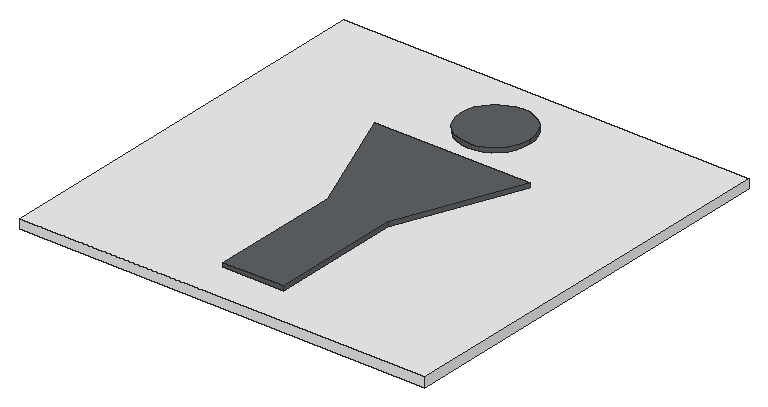
Revit family "KEUCO_14967010000", category Allgemeines Modell, Revit 2016
Family settings
  Teiletyp = Normal
  Kann Basisbauteil für Bewehrung sein = Nein
  Bemaßung runder Anschluss = Durchmesser verwenden
  Arbeitsebenenbasiert = Ja
  Immer vertikal = Nein
  Beim Laden mit Abzugskörper schneiden = Nein
  Gemeinsam genutzt = Nein
  Raumberechnungspunkt = Nein
Parameters (values of type "14967170000")
  Default Elevation = 1219.2 mm
  Verwendung = "ZU"  # constant formula
  URL = "https://www.keuco.com/de/produkte/sortiment/artikel/?pid=14967&oid=2&pgo=20&country=de&lang=de&vid=14967170000"
  Serie = "Plan"  # constant formula
  Preisgruppe = ""
  Materialien bei Hersteller anfragen = "Anfrage zu:  objektmanagement@keuco.de"
  Material = Verchromt
  Rail Length = 851 mm
  Kategorie = "ACC"  # constant formula
  Hersteller = "KEUCO"  # constant formula
  Gewicht = 2.718
  Beschreibung = "Symbol Herren"
  Assembly Code = ""
  Ausschreibungstext = "KEUCO PLAN Türschild 14967170000 Herren\r\nTürschild aus silber-eloxiertem Aluminium (E6 EV1) \r\nmit dem Symbol HERREN in quadratischer Form, \r\nmit abgerundeten Ecken, \r\nMaße 100 x 100 mm"
  Artikelnummer = "14967170000"
Types (4, lengths in mm): name | URL | Materialien bei Hersteller anfragen | Material | Beschreibung | Ausschreibungstext | Artikelnummer
  (no name) | "https://www.keuco.com" | "Request to:  objektmanagement@keuco.de" | Verchromt | "--" | "" | "14967010000"
  14967010000 | "https://www.keuco.com/de/produkte/sortiment/artikel/?pid=14967&oid=2&pgo=20&country=de&lang=de&vid=14967010000" | "Request to:  objektmanagement@keuco.de" | Verchromt | "Symbol Herren" | "KEUCO PLAN Türschild 14967010000 Herren\r\nHochglanzverchromtes Türschild \r\nmit dem Symbol HERREN in quadratischer Form, \r\nmit abgerundeten Ecken\r\nMaße 100 x 100 mm" | "14967010000"
  14967070000 | "https://www.keuco.com/de/produkte/sortiment/artikel/?pid=14967&oid=2&pgo=20&country=de&lang=de&vid=14967070000" | "Request to:  objektmanagement@keuco.de" | Edelstahl | "Symbol Herren" | "KEUCO PLAN Türschild 14967070000 Herren\r\nTürschild aus hochwertigem Edelsathl \r\nmit dem Symbol HERREN in quadratischer Form, \r\nmit abgerundeten Ecken\r\nMaße 100 x 100 mm" | "14967070000"
  14967170000 | "https://www.keuco.com/de/produkte/sortiment/artikel/?pid=14967&oid=2&pgo=20&country=de&lang=de&vid=14967170000" | "Anfrage zu:  objektmanagement@keuco.de" | Verchromt | "Symbol Herren" | "KEUCO PLAN Türschild 14967170000 Herren\r\nTürschild aus silber-eloxiertem Aluminium (E6 EV1) \r\nmit dem Symbol HERREN in quadratischer Form, \r\nmit abgerundeten Ecken, \r\nMaße 100 x 100 mm" | "14967170000"
Reference planes
  plane 1 "Center (Front/Back)": y = 0
  plane 2: z = 0
  plane 3 "Center (Left/Right)": x = 0
Forms (mm)
  Extrusion 1, solid, material "Verchromt" <- "Material"
    sketch origin (0, 0, 61.249) x (0, 1, 0) y (-1, 0, 0)
      loop
        line (0, 50) -> (0, -50) -> (100, -50) -> (100, 50) -> (0, 50)
    from -61.529 to -59.249
  Extrusion 2, solid, material "Schwarzgrau"
    sketch origin (0, 0, 58.651) x (0, 1, 0) y (-1, 0, 0)
      loop
        circle (84.31, -0.033) r 8.547
      loop
        line (70.967, 19.047) -> (41.891, 7.479) -> (9.535, 7.479) -> (9.535, -7.479) -> (41.787, -7.479) -> (70.967, -19.268) -> (70.967, 19.047)
    from -56.651 to -55.651
Dimensions and locks
  aligned and locked: level to plane 2
